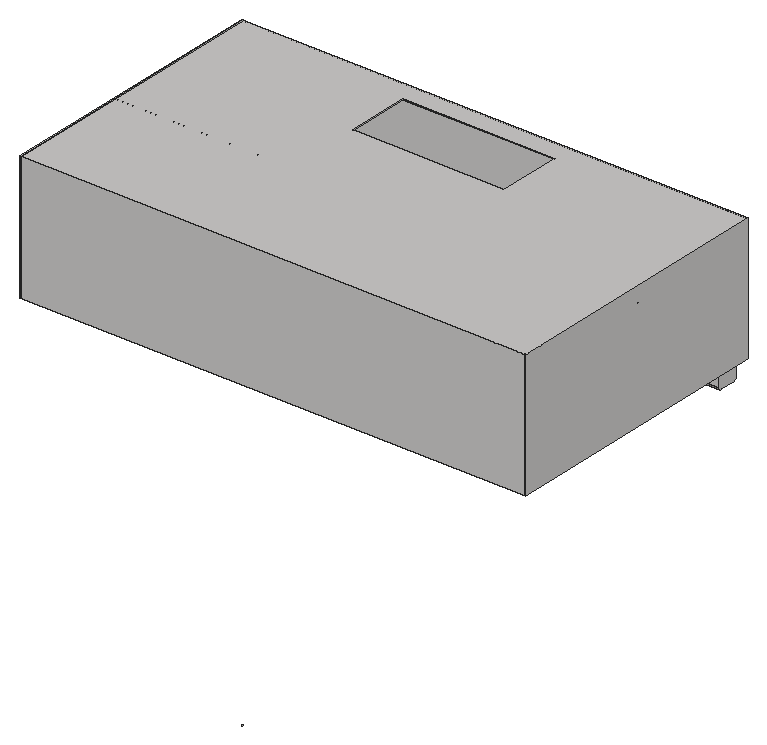
Revit family "QF_ELECTROLUXPROFESSIONAL_642017_EP1120T", category Specialty Equipment, Revit 2014
Reference planes
  plane 1 "Center (Front/Back)": y = 0
  plane 2: z = 0
  plane 3 "Center (Left/Right)": x = 150
  plane 4 "LEFT": x = -850
  plane 5 "RIGHT": x = 1150
  plane 6 "BACK": y = 550
  plane 7 "FRONT": y = -550
  plane 8 "TOP": z = 2500
  plane 9 "Base": z = 2000
  plane 10: z = 1926
  plane 11 "DrainY": y = 485
  plane 12: x = -847
  plane 13: through (0, 414.509, 2000.8) normal (0, 0.7314, 0.682)
  plane 14: y = 470
  plane 15: y = 220
  plane 16 "DrainX": x = 1030
  plane 17: x = -150
  plane 18: x = 450
  plane 19: x = 1147
  plane 20: x = 940
  plane 21: x = 1120
  plane 22: x = -810
  plane 23: x = 1110
  plane 24: x = -47.5
  plane 25: x = 347.5
Forms (mm)
  Extrusion 1, solid, material "QF_Finishes_Stainless Steel"
    sketch origin (-850, 0, 360) x (0, 1, 0) y (0, 0, 1)
      loop
        line (550, 1640) -> (550, 2140) -> (-550, 2140) -> (-550, 1640) -> (550, 1640)
    from 0 to 3
  Extrusion 2, solid, material "QF_Finishes_Stainless Steel"
    sketch origin (150, 0, 360) x (0, 1, 0) y (0, 0, 1)
      loop
        line (415.255, 1640) -> (550, 1640) -> (550, 2139.19) -> (549.2, 2139.19) -> (549.2, 1640.8) -> (415.876, 1640.8) -> (339.347, 1722.867) -> (349.609, 1732.436) -> (348.927, 1733.167) -> (337.934, 1722.917) -> (415.255, 1640)
      loop
        line (-82.203, 2139.19) -> (-82.203, 2118.6) -> (-31.047, 2118.6) -> (34.354, 2048.466) -> (46.028, 2059.352) -> (45.346, 2060.083) -> (34.403, 2049.879) -> (-30.612, 2119.6) -> (-81.203, 2119.6) -> (-81.203, 2139.19) -> (-82.203, 2139.19)
    from -997 to 997
  Extrusion 3, solid, material "QF_Finishes_Stainless Steel"
    sketch origin (1150, 0, 360) x (0, 1, 0) y (0, 0, 1)
      loop
        line (550, 1640) -> (550, 2140) -> (-550, 2140) -> (-550, 1640) -> (550, 1640)
    from 0 to -3
  Extrusion 4, solid, material "QF_Finishes_Stainless Steel"
    sketch origin (150, 0, 360) x (0, 1, 0) y (0, 0, 1)
      loop
        line (-550, 2140) -> (-550, 1640) -> (-549.2, 1640) -> (-549.2, 2139.19) -> (550, 2139.19) -> (550, 2140) -> (-550, 2140)
    from -1000 to 1000
  Extrusion 5, solid, material "QF_Finishes_Stainless Steel"
    sketch origin (150, 0, 360) x (0, 1, 0) y (0, 0, 1)
      loop
        line (534, 1640) -> (436, 1640) -> (436, 1627) -> (443.5, 1627) -> (443.5, 1576)
        arc (443.5, 1576) -> (446.429, 1568.929) -> (453.5, 1566) r 10
        line (453.5, 1566) -> (516.5, 1566)
        arc (516.5, 1566) -> (523.571, 1568.929) -> (526.5, 1576) r 10
        line (526.5, 1576) -> (526.5, 1627) -> (534, 1627) -> (534, 1640)
    from 790 to 970
  Extrusion 6, solid, material "QF_Finishes_Stainless Steel"
    sketch origin (0, 0, 2000) x (0, 1, 0) y (-1, 0, 0)
      loop
        circle (485, -1030) r 20
    from -76 to -74
  Extrusion 7, solid, material "QF_Finished_Chrome"
    sketch origin (150, 0, 360) x (0, 1, 0) y (0, 0, 1)
      loop
        line (337.934, 1722.917) -> (341.591, 1726.327) -> (38.011, 2051.876) -> (34.354, 2048.466) -> (337.934, 1722.917)
    from -197.5 to -960
  Extrusion 8, solid, material "QF_Finishes_Stainless Steel"
    sketch origin (150, 0, 360) x (0, 1, 0) y (0, 0, 1)
      loop
        line (337.934, 1722.917) -> (341.591, 1726.327) -> (38.011, 2051.876) -> (34.354, 2048.466) -> (337.934, 1722.917)
    from 997 to 960
  Extrusion 9, solid, material "QF_Finished_Chrome"
    sketch origin (150, 0, 360) x (0, 1, 0) y (0, 0, 1)
      loop
        line (341.588, 1726.324) -> (38.009, 2051.874) -> (34.354, 2048.466) -> (337.934, 1722.917) -> (341.588, 1726.324)
    from 197.5 to 960
  Extrusion 10, void
    sketch origin (0, 0, 2500) x (0, 1, 0) y (-1, 0, 0)
      loop
        line (470, -450) -> (470, 150) -> (220, 150) -> (220, -450) -> (470, -450)
    from 0 to -10
  Extrusion 11, solid, material "QF_Finishes_Stainless Steel"
    sketch origin (0, 0, 0) x (1, 0, 0) y (0, 1, 0)
      loop
        line (-850, 550) -> (-850, 549) -> (-849, 549) -> (-849, 550) -> (-850, 550)
    from 0 to 1
  Extrusion 12, solid, material "QF_Finishes_Stainless Steel"
    sketch origin (150, 0, 360) x (0, 1, 0) y (0, 0, 1)
      loop
        line (337.934, 1722.917) -> (341.591, 1726.327) -> (38.011, 2051.876) -> (34.354, 2048.466) -> (337.934, 1722.917)
    from -960 to -997
  Extrusion 13, solid, material "QF_Finishes_Stainless Steel"
    sketch origin (150, 0, 360) x (0, 1, 0) y (0, 0, 1)
      loop
        line (337.934, 1722.917) -> (341.591, 1726.327) -> (38.011, 2051.876) -> (34.354, 2048.466) -> (337.934, 1722.917)
    from 197.5 to -197.5
Cuts and joins
  Extrusion 10 cuts Extrusion 4
  joined: Extrusion 2, Extrusion 4
Lines and regions (mm)
  reference lines
    curve 1: line (150, 34.354, 2408.466) -> (150, 34.354, 2248.466)
  symbolic lines, style "SpecialityEquipment", detail levels coarse
    curve 2: line (1150, 550, 2500) -> (-850, 550, 2500)
    curve 3: line (-850, 550, 2500) -> (-850, -550, 2500)
    curve 4: line (1150, -550, 2500) -> (1150, 550, 2500)
    curve 5: line (-850, -550, 2500) -> (1150, -550, 2500)
    curve 6: line (450, 220, 2500) -> (-150, 220, 2500)
    curve 7: line (450, 470, 2500) -> (450, 220, 2500)
    curve 8: line (-150, 470, 2500) -> (450, 470, 2500)
    curve 9: line (-150, 220, 2500) -> (-150, 470, 2500)
    curve 10: line (-850, -550, 0) -> (1150, 550, 0)
    curve 11: line (-850, 550, 0) -> (1150, -550, 0)
Dimensions and locks
  plane 4 "LEFT" to plane 5 "RIGHT" = 2000 mm
  equal spacing: plane 4 "LEFT", plane 3 "Center (Left/Right)", plane 5 "RIGHT"
  plane 9 "Base" to plane 10 = 74 mm
  plane 6 "BACK" to plane 11 "DrainY" = 65 mm  (x2)
  plane 4 "LEFT" to plane 12 = 3 mm
  plane 6 "BACK" to plane 14 = 80 mm
  plane 14 to plane 15 = 250 mm  (x2)
  plane 16 "DrainX" to plane 5 "RIGHT" = 120 mm
  plane 19 to plane 5 "RIGHT" = 3 mm
  locked: plane 20 to plane 16 "DrainX" at 90
  locked: plane 16 "DrainX" to plane 21 at 90
  plane 6 "BACK" to plane 7 "FRONT" = 1100 mm  (x2)
  equal spacing: plane 6 "BACK", plane 1 "Center (Front/Back)", plane 7 "FRONT"
  plane 15 to plane 7 "FRONT" = 770 mm
  plane 14 to plane 6 "BACK" = 80 mm
  locked: plane 4 "LEFT" to plane 22 at 40
  locked: plane 23 to plane 5 "RIGHT" at 40
  locked: plane 24 to plane 25 at 395
  equal spacing: plane 24, plane 3 "Center (Left/Right)", plane 25
  locked: plane 17 to plane 18 at 600
  equal spacing: plane 17, plane 3 "Center (Left/Right)", plane 18
  locked: plane 9 "Base" to level at 2000
  locked: plane 8 "TOP" to plane 9 "Base" at 500
  aligned and locked: level to plane 2
  aligned and locked: Extrusion 2 to Extrusion 1
  aligned and locked: Extrusion 2 to Extrusion 3
  aligned and locked: plane 5 "RIGHT" to Extrusion 4
  aligned and locked: Extrusion 4 to plane 4 "LEFT"
  aligned and locked: plane 19 to Extrusion 8
  aligned and locked: Extrusion 10 to plane 17
  aligned and locked: Extrusion 10 to plane 15
  aligned and locked: Extrusion 10 to plane 14
  aligned and locked: Extrusion 2 to Extrusion 4
  aligned and locked: plane 21 to Extrusion 5
  aligned and locked: Extrusion 5 to plane 20
  aligned and locked: Extrusion 8 to plane 23
  aligned and locked: Extrusion 9 to plane 23
  aligned and locked: Extrusion 7 to plane 22
  aligned and locked: Extrusion 12 to plane 12
  aligned and locked: plane 22 to Extrusion 12
  aligned and locked: Extrusion 3 to plane 19
  aligned and locked: Extrusion 10 to plane 18
  aligned and locked: plane 18 to curve 7
  aligned and locked: plane 25 to Extrusion 13
  aligned and locked: Extrusion 13 to plane 24
  aligned and locked: Extrusion 9 to plane 25
Automatic sketch dimensions
  curve 5 to plane 5 "RIGHT" = 0 mm
  curve 5 to plane 7 "FRONT" = 0 mm
  curve 6 to plane 15 = 0 mm
  plane 14 to curve 8 = 0 mm
  curve 3 to plane 4 "LEFT" = 0 mm
  curve 3 to plane 6 "BACK" = 0 mm
  curve 6 to plane 17 = 0 mm
  Extrusion 2 sketch curve to plane 13 = 0 mm  (x3)
  Extrusion 2 sketch curve to plane 9 "Base" = 0 mm
  plane 13 to Extrusion 2 sketch curve = 0 mm
  Extrusion 2 sketch curve to plane 6 "BACK" = 0 mm
  Extrusion 2 sketch curve to Extrusion 2 sketch curve = 65.646 mm
  Extrusion 2 sketch curve to Extrusion 2 sketch curve = 0.682 mm  (x2)
  Extrusion 2 sketch curve to Extrusion 2 sketch curve = 10.261 mm
  plane 9 "Base" to Extrusion 2 sketch curve = 82.917 mm
  Extrusion 2 sketch curve to plane 1 "Center (Front/Back)" = 46.028 mm
  Extrusion 2 sketch curve to Extrusion 2 sketch curve = 10.942 mm
  Extrusion 2 sketch curve to Extrusion 2 sketch curve = 0.049 mm
  Extrusion 2 sketch curve to plane 8 "TOP" = 20.4 mm
  Extrusion 2 sketch curve to plane 8 "TOP" = 21.4 mm
  Extrusion 2 sketch curve to plane 8 "TOP" = 0.81 mm  (x2)
  Extrusion 2 sketch curve to Extrusion 2 sketch curve = 50.156 mm
  Extrusion 2 sketch curve to Extrusion 2 sketch curve = 1 mm
  plane 9 "Base" to Extrusion 2 sketch curve = 0.8 mm
  Extrusion 2 sketch curve to plane 6 "BACK" = 0.8 mm
  Extrusion 3 sketch curve to plane 9 "Base" = 0 mm
  Extrusion 3 sketch curve to plane 6 "BACK" = 0 mm
  Extrusion 3 sketch curve to plane 8 "TOP" = 0 mm
  Extrusion 4 sketch curve to plane 7 "FRONT" = 0 mm
  Extrusion 4 sketch curve to plane 6 "BACK" = 0 mm
  Extrusion 4 sketch curve to plane 8 "TOP" = 0 mm
  plane 7 "FRONT" to Extrusion 4 sketch curve = 0.8 mm
  Extrusion 4 sketch curve to plane 8 "TOP" = 0.81 mm
  curve 1 to plane 13 = 0 mm
  curve 1 to plane 1 "Center (Front/Back)" = 34.354 mm
  Extrusion 5 sketch curve to plane 9 "Base" = 0 mm
  Extrusion 5 sketch curve to plane 10 = 0 mm
  Extrusion 5 sketch curve to plane 9 "Base" = 13 mm  (x2)
  plane 14 to Extrusion 5 sketch curve = 34 mm
  Extrusion 5 sketch curve to Extrusion 5 sketch curve = 7.5 mm  (x2)
  Extrusion 5 sketch curve to Extrusion 5 sketch curve = 10 mm
  plane 11 "DrainY" to Extrusion 5 sketch curve = 31.5 mm
  Extrusion 5 sketch curve to plane 6 "BACK" = 23.5 mm
  Extrusion 6 sketch curve to plane 11 "DrainY" = 0 mm
  Extrusion 6 sketch curve to plane 16 "DrainX" = 0 mm
  Extrusion 7 sketch curve to plane 13 = 0 mm  (x2)
  Extrusion 7 sketch curve to plane 1 "Center (Front/Back)" = 34.354 mm
  Extrusion 7 sketch curve to Extrusion 7 sketch curve = 3.657 mm
  plane 9 "Base" to Extrusion 7 sketch curve = 82.917 mm
  Extrusion 8 sketch curve to plane 13 = 0 mm  (x2)
  Extrusion 8 sketch curve to plane 1 "Center (Front/Back)" = 34.354 mm
  Extrusion 8 sketch curve to Extrusion 8 sketch curve = 3.657 mm
  plane 9 "Base" to Extrusion 8 sketch curve = 82.917 mm
  Extrusion 9 sketch curve to plane 13 = 0 mm  (x2)
  Extrusion 9 sketch curve to plane 1 "Center (Front/Back)" = 34.354 mm
  Extrusion 9 sketch curve to Extrusion 9 sketch curve = 3.655 mm
  plane 9 "Base" to Extrusion 9 sketch curve = 82.917 mm
  Extrusion 10 sketch curve to plane 15 = 0 mm
  plane 14 to Extrusion 10 sketch curve = 0 mm
  Extrusion 10 sketch curve to plane 18 = 0 mm
  Extrusion 10 sketch curve to plane 17 = 0 mm
  Extrusion 11 sketch curve to plane 4 "LEFT" = 0 mm
  Extrusion 11 sketch curve to plane 6 "BACK" = 0 mm
  plane 4 "LEFT" to Extrusion 11 sketch curve = 1 mm
  Extrusion 11 sketch curve to Extrusion 11 sketch curve = 1 mm
  Extrusion 12 sketch curve to plane 13 = 0 mm  (x2)
  Extrusion 12 sketch curve to plane 1 "Center (Front/Back)" = 34.354 mm
  Extrusion 12 sketch curve to Extrusion 12 sketch curve = 3.657 mm
  plane 9 "Base" to Extrusion 12 sketch curve = 82.917 mm
  Extrusion 13 sketch curve to plane 13 = 0 mm  (x2)
  Extrusion 13 sketch curve to plane 1 "Center (Front/Back)" = 34.354 mm
  Extrusion 13 sketch curve to Extrusion 13 sketch curve = 3.657 mm
  plane 9 "Base" to Extrusion 13 sketch curve = 82.917 mm
  Extrusion 1 sketch curve to plane 7 "FRONT" = 0 mm
  Extrusion 1 sketch curve to plane 6 "BACK" = 0 mm
  Extrusion 1 sketch curve to plane 8 "TOP" = 0 mm
  Extrusion 3 sketch curve to plane 7 "FRONT" = 0 mm
  Extrusion 1 sketch curve to plane 9 "Base" = 0 mm
  Extrusion 4 sketch curve to plane 9 "Base" = 0 mm
  curve 1 to curve 1 = 160 mm
  curve 11 to plane 4 "LEFT" = 0 mm
  curve 10 to plane 4 "LEFT" = 0 mm
  curve 11 to plane 5 "RIGHT" = 0 mm
  curve 10 to plane 5 "RIGHT" = 0 mm
  curve 11 to plane 7 "FRONT" = 0 mm
  curve 10 to plane 7 "FRONT" = 0 mm
  curve 11 to plane 6 "BACK" = 0 mm
  curve 10 to plane 6 "BACK" = 0 mm
  radius of Extrusion 6 sketch curve = 20 mm
Connectors
  piping at (1030, 485, 1924), diameter 20
    settings: on Extrusion 6, index 1, connector inside diameter 609.6 mm, connector length 0 mm, flow factor 0, pipe flow 0.0 L/s, pressure drop 0.0 Pa, fitting loss kfactor 0, connector angle 0.00°, fixture units 0, engagement length 0 mm, angle of deflection 0.00°, flow configuration 1, flow direction 2, fitting loss method 0, system type 16, joint type 0, gender type 0, connector reference index -1, connector utility 0, adjustable connector no, is connector primary yes, connector description "Drain"
  hvac at (150, 345, 2500)
    settings: on Extrusion 10, index 2, duct flow 0.0 L/s, flow factor 0, pres drop 0.0 Pa, loss coef 0, conn angle 0.00°, conn width 250 mm, conn height 600 mm, conn diameter 609.6 mm, duct sys type 3, conn prof type 1, flow config 0, flow direction 2, loss method 0, conn ref index -1, conn util no, is conn primary yes, conn desc "EXHAUST OUTLET"
